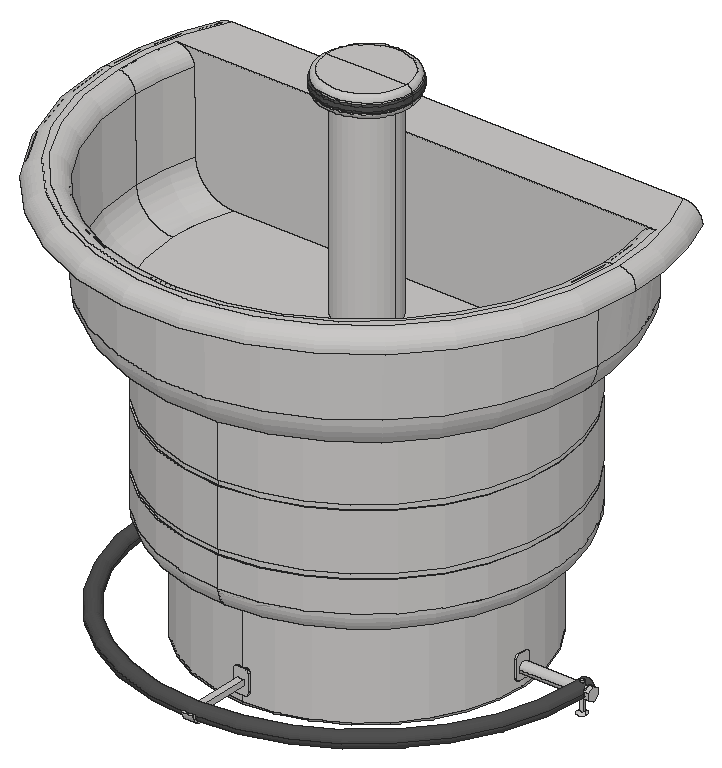
Revit family "Washfountain_Lavatory-Bradley_Corp-WF2703-Type_H_Drain", category Plumbing Fixtures, Revit 2012 (continued)
Automatic sketch dimensions
  curve 9 to Masking region 26 sketch curve = 2.56458"
  curve 9 to Masking region 26 sketch curve = 4.08013"
  Masking region 26 sketch curve to Masking region 26 sketch curve = 3.4641"
  curve 9 to Masking region 26 sketch curve = 14.62567"  (x2)
  curve 9 to Masking region 26 sketch curve = 15.313"  (x2)
  curve 9 to Masking region 26 sketch curve = 16.313"
  curve 108 to curve 10 = 0.000"
  curve 109 to curve 10 = 0.000"
  curve 116 to curve 10 = 0.000"
  curve 108 to curve 10 = 0.250"
  curve 108 to curve 109 = 0.11186"
  curve 10 to curve 116 = 0.73686"
  curve 10 to curve 113 = 1.000"
  curve 113 to curve 111 = 0.86186"
  curve 111 to curve 118 = 0.01928"
  curve 118 to curve 118 = 0.39728"
  curve 118 to curve 118 = 0.31998"
  curve 118 to curve 121 = 0.31998"
  curve 113 to curve 10 = 1.000"
  curve 10 to curve 114 = 0.625"
  curve 120 to curve 10 = 0.29642"
  curve 120 to curve 114 = 2.18152"
  curve 120 to curve 120 = 0.31998"  (x2)
  curve 10 to curve 115 = 3.69333"
  curve 120 to curve 120 = 0.39728"
  curve 114 to curve 112 = 4.76314"
  curve 118 to curve 118 = 0.17193"
  curve 120 to curve 114 = 0.46834"
  curve 121 to curve 115 = 2.89842"
  curve 115 to curve 115 = 1.000"
  curve 10 to curve 114 = 13.12502"
  curve 10 to curve 110 = 14.62567"
  curve 10 to curve 110 = 15.313"
  curve 10 to curve 113 = 15.313"
  curve 108 to curve 109 = 0.000"
  curve 123 to curve 122 = 0.000"
  curve 129 to curve 122 = 0.000"
  curve 130 to curve 122 = 0.000"
  curve 124 to curve 122 = 0.000"
  curve 123 to curve 122 = 2.56458"
  curve 122 to curve 129 = 1.000"
  curve 122 to curve 134 = 1.000"
  curve 122 to curve 133 = 1.000"
  curve 132 to curve 122 = 1.000"
  curve 131 to curve 132 = 0.000"
  curve 130 to curve 122 = 0.99987"
  curve 122 to curve 127 = 2.56458"
  curve 122 to curve 130 = 1.0786"
  curve 128 to curve 127 = 0.500"
  curve 122 to curve 126 = 14.12567"
  curve 126 to curve 125 = 0.500"
  curve 132 to curve 132 = 0.68733"
  curve 125 to curve 124 = 0.68733"
  curve 125 to curve 123 = 0.68733"
  curve 133 to curve 133 = 0.68733"
  curve 135 to curve 136 = 0.000"
  curve 96 to curve 136 = 1.37502"
  curve 96 to curve 136 = 6.02868"
  curve 84 to curve 136 = 6.02868"
  curve 93 to curve 98 = 0.9785"
  curve 93 to curve 103 = 1.17006"
  curve 103 to curve 103 = 0.55422"  (x2)
  curve 103 to curve 136 = 0.29642"
  curve 103 to curve 103 = 0.10867"
  curve 103 to curve 96 = 0.36284"
  curve 101 to curve 93 = 0.43861"
  curve 101 to curve 100 = 0.10867"
  curve 101 to curve 136 = 0.30441"
  curve 136 to curve 102 = 0.24981"
  curve 102 to curve 135 = 0.75019"
  curve 136 to curve 83 = 1.000"
  curve 135 to curve 94 = 0.41987"
  curve 83 to curve 92 = 1.93542"
  curve 92 to curve 91 = 0.12917"
  curve 90 to curve 136 = 1.41987"
  curve 83 to curve 136 = 1.000"
  curve 90 to curve 135 = 0.420"
  curve 105 to curve 136 = 0.35848"
  curve 105 to curve 106 = 0.10867"
  curve 136 to curve 105 = 0.30441"
  curve 136 to curve 86 = 0.52868"
  curve 88 to curve 105 = 0.32994"
  curve 136 to curve 99 = 1.50718"
  curve 104 to curve 97 = 2.42006"
  curve 97 to curve 107 = 0.4715"
  curve 107 to curve 107 = 0.55422"  (x2)
  curve 107 to curve 107 = 0.10867"
  curve 97 to curve 87 = 2.750"
  curve 136 to curve 105 = 0.29642"
  curve 103 to curve 103 = 0.04026"
  curve 105 to curve 105 = 0.04026"
  curve 106 to curve 97 = 1.0786"
  curve 93 to curve 98 = 2.602"
  curve 136 to curve 99 = 3.97702"
  curve 98 to curve 98 = 1.000"
  curve 99 to curve 99 = 1.000"
  curve 136 to curve 96 = 13.12502"
  curve 136 to curve 97 = 13.12502"
  curve 136 to curve 95 = 14.62567"
  curve 136 to curve 88 = 14.62567"
  curve 136 to curve 86 = 15.313"
  Extrusion 21 sketch curve to Extrusion 21 sketch curve = 0.000"  (x6)
  Extrusion 21 sketch curve to plane 12 = 0.000"  (x3)
  plane 3 "Center (Left/Right)" to Extrusion 21 sketch curve = 5.750"
  Extrusion 21 sketch curve to Extrusion 21 sketch curve = 0.87229"
  Extrusion 21 sketch curve to Extrusion 21 sketch curve = 0.25708"  (x5)
  Extrusion 21 sketch curve to Extrusion 21 sketch curve = 0.62063"  (x5)
  plane 12 to Extrusion 21 sketch curve = 0.62063"  (x2)
  Extrusion 21 sketch curve to plane 12 = 0.62063"  (x2)
  Extrusion 22 sketch curve to plane 12 = 0.000"
  plane 3 "Center (Left/Right)" to Extrusion 22 sketch curve = 4.000"
  profile plane to Sweep 23 sketch curve = 0.500"
  profile plane to Sweep 23 sketch curve = 1.42499"
  Extrusion 24 sketch curve to plane 12 = 0.42481"
  Extrusion 24 sketch curve to plane 12 = 0.05332"
  Extrusion 24 sketch curve to plane 12 = 0.05331"
  plane 12 to Extrusion 24 sketch curve = 0.31819"
  level to Extrusion 24 sketch curve = 0.99603"
  Extrusion 24 sketch curve to Extrusion 24 sketch curve = 0.21448"  (x2)
  Extrusion 24 sketch curve to Extrusion 24 sketch curve = 0.42897"  (x2)
  Extrusion 24 sketch curve to Extrusion 24 sketch curve = 0.21449"
  Extrusion 25 sketch curve to plane 12 = 0.42481"
  Extrusion 25 sketch curve to plane 12 = 0.05332"
  Extrusion 25 sketch curve to plane 12 = 0.05331"
  plane 12 to Extrusion 25 sketch curve = 0.31819"
  level to Extrusion 25 sketch curve = 0.99603"
  Extrusion 25 sketch curve to Extrusion 25 sketch curve = 0.21448"  (x2)
  Extrusion 25 sketch curve to Extrusion 25 sketch curve = 0.42897"  (x2)
  Extrusion 25 sketch curve to Extrusion 25 sketch curve = 0.21449"
  Extrusion 26 sketch curve to plane 12 = 0.05331"
  level to Extrusion 26 sketch curve = 1.425"
  Extrusion 27 sketch curve to plane 12 = 0.05331"
  level to Extrusion 27 sketch curve = 1.42499"
  Extrusion 28 sketch curve to plane 12 = 0.000"  (x2)
  plane 4 "Left" to Extrusion 28 sketch curve = 3.42187"
  Extrusion 28 sketch curve to plane 5 "Right" = 3.42187"
  Blend 29 sketch curve to plane 12 = 0.000"  (x2)
  plane 4 "Left" to Blend 29 sketch curve = 3.42187"  (x2)
  Blend 30 sketch curve to plane 12 = 0.000"  (x2)
  Blend 30 sketch curve to plane 5 "Right" = 3.42187"  (x2)
  Masking region 27 sketch curve to curve 163 = 1.9244"
  Masking region 27 sketch curve to curve 163 = 13.00846"
  curve 163 to Masking region 27 sketch curve = 1.100"
  Masking region 27 sketch curve to Masking region 27 sketch curve = 0.80046"
  Masking region 27 sketch curve to curve 163 = 0.92558"
  curve 163 to Masking region 27 sketch curve = 13.00846"
  Extrusion 31 sketch curve to plane 12 = 0.55331"
  Extrusion 31 sketch curve to plane 12 = 0.30331"  (x2)
  plane 12 to Extrusion 31 sketch curve = 0.19669"  (x2)
  Extrusion 31 sketch curve to Extrusion 31 sketch curve = 0.250"
  level to Extrusion 31 sketch curve = 0.671"
  Extrusion 31 sketch curve to Extrusion 31 sketch curve = 1.125"
  Extrusion 32 sketch curve to plane 12 = 0.55331"
  Extrusion 32 sketch curve to plane 12 = 0.30331"
  Extrusion 32 sketch curve to Extrusion 32 sketch curve = 0.250"  (x2)
  plane 12 to Extrusion 32 sketch curve = 0.19669"  (x2)
  level to Extrusion 32 sketch curve = 0.671"
  Extrusion 32 sketch curve to Extrusion 32 sketch curve = 1.125"
  Masking region 28 sketch curve to Masking region 28 sketch curve = 0.000"  (x12)
  Masking region 28 sketch curve to level = 0.000"  (x2)
  plane 4 "Left" to Masking region 28 sketch curve = 2.67187"
  Masking region 28 sketch curve to Masking region 28 sketch curve = 0.3125"  (x2)
  Masking region 28 sketch curve to Masking region 28 sketch curve = 0.1105"
  Masking region 28 sketch curve to Masking region 28 sketch curve = 0.1734"
  Masking region 28 sketch curve to Masking region 28 sketch curve = 0.17342"
  Masking region 28 sketch curve to Masking region 28 sketch curve = 0.14408"
  Masking region 28 sketch curve to Masking region 28 sketch curve = 0.207"  (x5)
  Masking region 28 sketch curve to Masking region 28 sketch curve = 0.18967"
  Masking region 28 sketch curve to Masking region 28 sketch curve = 0.240"  (x4)
  Masking region 28 sketch curve to Masking region 28 sketch curve = 3.84177"
  Masking region 28 sketch curve to Masking region 28 sketch curve = 0.125"  (x2)
  level to Masking region 28 sketch curve = 2.296"
  Masking region 28 sketch curve to plane 5 "Right" = 7.50863"
  Masking region 28 sketch curve to Masking region 28 sketch curve = 3.63477"
  Masking region 28 sketch curve to Masking region 28 sketch curve = 0.05033"
  level to Masking region 28 sketch curve = 0.1445"  (x4)
  Masking region 28 sketch curve to Masking region 28 sketch curve = 0.14409"  (x2)
  Masking region 28 sketch curve to Masking region 28 sketch curve = 0.20127"  (x2)
  Masking region 28 sketch curve to Masking region 28 sketch curve = 0.33574"
  level to Masking region 28 sketch curve = 0.671"  (x2)
  Masking region 28 sketch curve to Masking region 28 sketch curve = 0.78363"  (x2)
  Masking region 28 sketch curve to Masking region 28 sketch curve = 0.03488"  (x2)
  Masking region 28 sketch curve to Masking region 28 sketch curve = 0.03303"  (x2)
  Masking region 28 sketch curve to Masking region 28 sketch curve = 0.05746"
  Masking region 28 sketch curve to Masking region 28 sketch curve = 0.05747"  (x2)
  Masking region 28 sketch curve to Masking region 28 sketch curve = 0.05748"
  Masking region 28 sketch curve to Masking region 28 sketch curve = 0.09048"
  Masking region 28 sketch curve to Masking region 28 sketch curve = 0.09049"
  Masking region 28 sketch curve to Masking region 28 sketch curve = 0.07813"
  Masking region 28 sketch curve to Masking region 28 sketch curve = 0.11301"
  Masking region 28 sketch curve to Masking region 28 sketch curve = 1.625"
  level to Masking region 29 sketch curve = 1.9244"
  plane 14 "Front" to Masking region 29 sketch curve = 3.82788"
  plane 12 to Masking region 29 sketch curve = 0.500"
  Masking region 29 sketch curve to Masking region 29 sketch curve = 0.49941"
  Extrusion 33 sketch curve to Extrusion 33 sketch curve = 0.000"  (x4)
  level to Extrusion 33 sketch curve = 1.42499"
  plane 14 "Front" to Extrusion 33 sketch curve = 3.22848"
  Extrusion 33 sketch curve to Extrusion 33 sketch curve = 0.050"
  Extrusion 33 sketch curve to Extrusion 33 sketch curve = 0.49941"
  Extrusion 33 sketch curve to Extrusion 33 sketch curve = 0.45761"
  level to Extrusion 34 sketch curve = 1.42499"
  plane 14 "Front" to Extrusion 34 sketch curve = 3.82788"
  Extrusion 34 sketch curve to Extrusion 34 sketch curve = 0.56506"
  Extrusion 34 sketch curve to Extrusion 34 sketch curve = 0.000"
  level to Extrusion 34 sketch curve = 1.62499"
  Extrusion 34 sketch curve to Extrusion 34 sketch curve = 3.32401"
  Masking region 32 sketch curve to plane 1 "Center (Front/Back)" = 0.000"
  Masking region 32 sketch curve to plane 5 "Right" = 1.41931"
  curve 13 to curve 172 = 0.000"  (x2)
  curve 172 to curve 175 = 2.64121"
  plane 1 "Center (Front/Back)" to curve 174 = 3.4965"
  plane 12 to curve 174 = 2.14004"
  curve 174 to curve 174 = 2.64121"
  plane 12 to curve 172 = 2.14004"
  curve 149 to plane 12 = 0.000"
  curve 149 to plane 3 "Center (Left/Right)" = 0.000"
  plane 12 to curve 150 = 0.500"
  plane 12 to curve 151 = 0.500"
  plane 12 to Masking region 33 sketch curve = 1.13814"  (x2)
  plane 12 to Masking region 33 sketch curve = 3.13814"
  Masking region 33 sketch curve to Masking region 33 sketch curve = 3.4641"  (x2)
  Masking region 33 sketch curve to Masking region 33 sketch curve = 0.06458"  (x2)
  plane 3 "Center (Left/Right)" to Masking region 33 sketch curve = 3.52868"
  plane 3 "Center (Left/Right)" to Masking region 33 sketch curve = 0.06458"
  Masking region 33 sketch curve to plane 3 "Center (Left/Right)" = 0.06458"
  Masking region 33 sketch curve to plane 3 "Center (Left/Right)" = 5.500"
  plane 12 to Masking region 33 sketch curve = 3.250"
  Masking region 33 sketch curve to Masking region 33 sketch curve = 0.11186"
  Masking region 33 sketch curve to Masking region 33 sketch curve = 2.000"
  plane 12 to curve 183 = 2.26314"
  plane 3 "Center (Left/Right)" to curve 183 = 7.08013"
  curve 183 to curve 182 = 1.51554"
  plane 3 "Center (Left/Right)" to curve 183 = 1.58013"
  plane 3 "Center (Left/Right)" to curve 182 = 0.06458"
  curve 181 to plane 3 "Center (Left/Right)" = 0.06458"
  curve 180 to plane 3 "Center (Left/Right)" = 1.58013"
  curve 181 to plane 3 "Center (Left/Right)" = 5.56458"
  plane 12 to curve 180 = 2.26314"
  curve 181 to curve 180 = 1.51554"
  curve 181 to curve 180 = 0.875"  (x2)
  curve 182 to curve 183 = 0.875"  (x2)
  curve 182 to plane 12 = 6.38814"
  curve 181 to curve 182 = 0.000"
  Masking region 34 sketch curve to plane 12 = 0.000"
  Masking region 34 sketch curve to plane 3 "Center (Left/Right)" = 0.000"
  plane 12 to Masking region 34 sketch curve = 2.250"
  plane 3 "Center (Left/Right)" to Masking region 34 sketch curve = 6.20569"
  plane 4 "Left" to curve 150 = 2.99154"
  curve 13 to curve 176 = 0.000"  (x2)
  curve 174 to curve 177 = 0.000"  (x2)
  curve 175 to curve 178 = 0.000"  (x2)
  curve 178 to curve 178 = 0.75958"
  curve 178 to curve 176 = 0.03579"
  curve 174 to curve 176 = 0.78132"
  curve 179 to curve 175 = 0.78315"
  curve 176 to curve 178 = 0.17716"
  curve 186 to plane 12 = 0.000"
  curve 186 to plane 3 "Center (Left/Right)" = 0.000"
  curve 187 to curve 186 = 4.15684"
  curve 185 to curve 185 = 2.250"
  curve 187 to curve 186 = 2.250"
  curve 7 to curve 44 = 1.00047"
  curve 44 to curve 7 = 3.13971"
  curve 45 to curve 44 = 0.000"  (x2)
  curve 44 to curve 46 = 0.1567"
  curve 46 to curve 47 = 0.05262"
  curve 47 to curve 48 = 0.05262"
  curve 48 to curve 49 = 0.06777"
  curve 7 to curve 49 = 2.810"
  curve 49 to curve 48 = 0.06777"
  curve 48 to curve 47 = 0.05262"
  curve 47 to curve 46 = 0.05262"
  curve 46 to curve 44 = 0.1567"
  curve 46 to curve 44 = 0.64189"
  curve 47 to curve 46 = 1.250"
  curve 48 to curve 47 = 1.250"
  curve 49 to curve 48 = 1.250"
  curve 7 to curve 45 = 0.37529"
  Extrusion 39 sketch curve to plane 3 "Center (Left/Right)" = 0.500"
  Extrusion 39 sketch curve to plane 3 "Center (Left/Right)" = 0.250"  (x2)
  plane 3 "Center (Left/Right)" to Extrusion 39 sketch curve = 0.250"  (x2)
  Extrusion 39 sketch curve to Extrusion 39 sketch curve = 0.250"
  level to Extrusion 39 sketch curve = 0.671"
  Extrusion 39 sketch curve to Extrusion 39 sketch curve = 1.125"
  Masking region 30 sketch curve to Masking region 30 sketch curve = 0.000"  (x6)
  Masking region 30 sketch curve to level = 0.000"
  plane 14 "Front" to Masking region 30 sketch curve = 3.22848"
  Masking region 30 sketch curve to Masking region 30 sketch curve = 0.050"
  Masking region 30 sketch curve to Masking region 30 sketch curve = 0.49941"
  level to Masking region 30 sketch curve = 0.92558"  (x2)
  Masking region 30 sketch curve to Masking region 30 sketch curve = 3.55758"
  Masking region 30 sketch curve to Masking region 30 sketch curve = 0.125"  (x2)
  Masking region 30 sketch curve to plane 12 = 0.55349"
  Masking region 30 sketch curve to plane 12 = 0.55331"
  Masking region 30 sketch curve to Masking region 30 sketch curve = 0.1285"
  Masking region 30 sketch curve to plane 12 = 0.32637"
  Masking region 30 sketch curve to plane 12 = 0.30331"
  Masking region 30 sketch curve to plane 12 = 0.30215"
  Masking region 30 sketch curve to plane 12 = 0.120"
  Masking region 30 sketch curve to plane 12 = 0.05332"
  Masking region 30 sketch curve to plane 12 = 0.05331"
  plane 12 to Masking region 30 sketch curve = 0.120"
  plane 12 to Masking region 30 sketch curve = 0.19559"
  plane 12 to Masking region 30 sketch curve = 0.19669"
  Masking region 30 sketch curve to Masking region 30 sketch curve = 0.1226"
  Masking region 30 sketch curve to Masking region 30 sketch curve = 0.20637"
  Masking region 30 sketch curve to Masking region 30 sketch curve = 0.250"
  Masking region 30 sketch curve to Masking region 30 sketch curve = 0.25134"
  level to Masking region 30 sketch curve = 0.1445"  (x2)
  Masking region 30 sketch curve to Masking region 30 sketch curve = 0.25458"
  Masking region 30 sketch curve to Masking region 30 sketch curve = 0.5265"
  Masking region 30 sketch curve to Masking region 30 sketch curve = 0.25136"
  Masking region 30 sketch curve to Masking region 30 sketch curve = 0.07367"
  Masking region 30 sketch curve to Masking region 30 sketch curve = 0.28493"  (x2)
  Masking region 30 sketch curve to Masking region 30 sketch curve = 0.42897"  (x2)
  Masking region 30 sketch curve to Masking region 30 sketch curve = 0.21449"
  Masking region 30 sketch curve to Masking region 30 sketch curve = 0.99881"
  Masking region 30 sketch curve to Masking region 30 sketch curve = 0.28491"
  Masking region 30 sketch curve to Masking region 30 sketch curve = 0.1216"
  Masking region 30 sketch curve to Masking region 30 sketch curve = 0.3716"
  curve 163 to Masking region 31 sketch curve = 1.000"
  Masking region 31 sketch curve to Masking region 31 sketch curve = 0.00039"
  Masking region 31 sketch curve to Masking region 31 sketch curve = 0.09961"
  Masking region 31 sketch curve to Masking region 31 sketch curve = 0.250"  (x2)
  Masking region 31 sketch curve to Masking region 31 sketch curve = 0.49837"
  Masking region 31 sketch curve to Masking region 31 sketch curve = 0.500"
  Masking region 31 sketch curve to Masking region 31 sketch curve = 0.09932"
  Masking region 31 sketch curve to curve 163 = 0.67509"
  Masking region 31 sketch curve to Masking region 31 sketch curve = 0.54936"
  Masking region 31 sketch curve to Masking region 31 sketch curve = 0.44941"
  Masking region 31 sketch curve to Masking region 31 sketch curve = 0.1216"
  Masking region 31 sketch curve to Masking region 31 sketch curve = 0.000"
  Masking region 31 sketch curve to Masking region 31 sketch curve = 0.15088"
  Masking region 31 sketch curve to Masking region 31 sketch curve = 0.09954"
  curve 163 to curve 192 = 1.100"
  curve 191 to curve 191 = 0.80046"
  curve 190 to curve 163 = 0.82558"
  curve 191 to curve 192 = 0.100"
  curve 190 to curve 190 = 0.100"
  Extrusion 37 sketch curve to curve 7 = 1.500"
  Extrusion 37 sketch curve to curve 7 = 0.500"
  Extrusion 37 sketch curve to curve 7 = 32.304"
  Extrusion 37 sketch curve to curve 7 = 30.304"
  Split face 3 sketch curve to cut or joined group of Revolve 11, Extrusion 13 = 0.000"  (x3)
  Revolve 40 sketch curve to curve 7 = 0.000"
  Revolve 40 sketch curve to Revolve 40 sketch curve = 0.000"
  Revolve 40 sketch curve to curve 7 = 3.13971"
  Revolve 40 sketch curve to Revolve 40 sketch curve = 0.06598"
  Revolve 40 sketch curve to Revolve 40 sketch curve = 2.30326"
  Revolve 40 sketch curve to Revolve 40 sketch curve = 2.94627"
  Extrusion 41 sketch curve to curve 7 = 0.000"
  Extrusion 41 sketch curve to curve 7 = 3.20569"
  Extrusion 41 sketch curve to Extrusion 41 sketch curve = 0.06598"  (x2)
  curve 7 to Extrusion 41 sketch curve = 3.13971"
  curve 6 to Masking region 37 sketch curve = 1.57537"
  Masking region 37 sketch curve to Masking region 37 sketch curve = 0.400"
  Masking region 37 sketch curve to curve 6 = 1.79013"
  curve 6 to Masking region 37 sketch curve = 0.79013"
  Masking region 38 sketch curve to curve 6 = 1.54013"
  Masking region 38 sketch curve to Masking region 38 sketch curve = 0.500"
  plane 4 "Left" to curve 165 = 2.67187"
  curve 166 to curve 165 = 0.000"
  curve 166 to curve 164 = 0.3125"
  level to curve 167 = 0.1445"
  curve 164 to curve 167 = 0.3175"
  curve 167 to curve 167 = 0.240"
  curve 167 to curve 164 = 0.909"
  curve 164 to curve 166 = 0.15701"
  curve 166 to curve 165 = 0.42897"
  curve 165 to curve 164 = 0.15701"
  level to curve 171 = 0.1445"
  curve 171 to plane 5 "Right" = 3.54187"
  curve 171 to curve 171 = 0.240"
  curve 171 to curve 169 = 0.34536"
  curve 168 to curve 168 = 0.33574"
  curve 170 to curve 170 = 0.33574"
  curve 171 to curve 169 = 0.90899"
  curve 169 to curve 170 = 0.15702"
  curve 170 to curve 168 = 0.42897"
  curve 168 to curve 169 = 0.15701"
  Sweep 1 sketch curve to Sweep 1 sketch curve = 0.000"  (x8)
  Sweep 1 sketch curve to profile plane = 0.000"  (x2)
  profile plane to Sweep 1 sketch curve = 0.00001"
  Sweep 1 sketch curve to profile plane = 0.11999"
  Sweep 1 sketch curve to profile plane = 1.12499"
  Sweep 1 sketch curve to Sweep 1 sketch curve = 0.410"
  profile plane to Sweep 1 sketch curve = 0.00011"
  Sweep 1 sketch curve to Sweep 1 sketch curve = 1.005"
  Sweep 1 sketch curve to profile plane = 2.58748"
  Sweep 1 sketch curve to profile plane = 1.125"
  Sweep 1 sketch curve to Sweep 1 sketch curve = 0.11996"
  Sweep 1 sketch curve to Sweep 1 sketch curve = 2.49334"
  Sweep 1 sketch curve to Sweep 1 sketch curve = 11.13252"
  Sweep 1 sketch curve to Sweep 1 sketch curve = 0.120"
  Sweep 1 sketch curve to Sweep 1 sketch curve = 2.31283"
  Sweep 1 sketch curve to Sweep 1 sketch curve = 0.00025"
  Sweep 1 sketch curve to Sweep 1 sketch curve = 0.00011"
  Sweep 3 sketch curve to profile plane = 0.000"  (x2)
  Sweep 3 sketch curve to profile plane = 0.120"  (x2)
  Sweep 3 sketch curve to Sweep 3 sketch curve = 2.41999"
  Sweep 3 sketch curve to Sweep 3 sketch curve = 0.120"  (x2)
  Sweep 3 sketch curve to Sweep 3 sketch curve = 13.67331"
  Sweep 3 sketch curve to Sweep 3 sketch curve = 1.005"
  Masking region 18 sketch curve to plane 1 "Center (Front/Back)" = 0.000"
  plane 14 "Front" to Masking region 18 sketch curve = 2.540"
  Masking region 18 sketch curve to plane 10 "Rim Height" = 1.125"
  plane 14 "Front" to Masking region 18 sketch curve = 0.00001"
  Masking region 17 sketch curve to plane 14 "Front" = 0.000"
  Masking region 17 sketch curve to plane 1 "Center (Front/Back)" = 0.000"
  plane 14 "Front" to Masking region 17 sketch curve = 1.125"
  plane 14 "Front" to Masking region 17 sketch curve = 2.58749"
  Masking region 17 sketch curve to Masking region 17 sketch curve = 1.415"
  Masking region 17 sketch curve to Masking region 17 sketch curve = 2.61331"
  plane 11 "Pedestal Height" to Masking region 17 sketch curve = 2.43283"
  Masking region 13 sketch curve to plane 4 "Left" = 0.000"
  Masking region 13 sketch curve to plane 10 "Rim Height" = 0.000"  (x2)
  Masking region 13 sketch curve to plane 11 "Pedestal Height" = 0.000"
  Masking region 13 sketch curve to plane 5 "Right" = 0.000"
  plane 10 "Rim Height" to Masking region 13 sketch curve = 0.00019"
  plane 4 "Left" to Masking region 13 sketch curve = 1.125"
  Masking region 13 sketch curve to Masking region 13 sketch curve = 1.125"
  Masking region 13 sketch curve to Masking region 13 sketch curve = 1.415"  (x2)
  plane 4 "Left" to Masking region 13 sketch curve = 2.58749"
  Masking region 13 sketch curve to Masking region 13 sketch curve = 2.61331"
  Masking region 13 sketch curve to plane 5 "Right" = 5.20079"
  Masking region 13 sketch curve to plane 5 "Right" = 2.58749"
  Masking region 13 sketch curve to plane 10 "Rim Height" = 1.125"
  Masking region 13 sketch curve to Masking region 13 sketch curve = 0.000"
  plane 11 "Pedestal Height" to Masking region 13 sketch curve = 2.43283"  (x2)
  Masking region 14 sketch curve to plane 4 "Left" = 0.000"
  Masking region 14 sketch curve to plane 11 "Pedestal Height" = 0.000"
  Masking region 14 sketch curve to plane 5 "Right" = 0.000"
  Masking region 14 sketch curve to plane 10 "Rim Height" = 0.000"
  plane 4 "Left" to Masking region 14 sketch curve = 2.25999"
  Masking region 14 sketch curve to plane 10 "Rim Height" = 1.125"  (x2)
  Masking region 14 sketch curve to Masking region 14 sketch curve = 2.25999"
  Extrusion 44 sketch curve to Extrusion 44 sketch curve = 0.000"  (x2)
  Extrusion 44 sketch curve to plane 3 "Center (Left/Right)" = 0.000"
  plane 12 to Extrusion 44 sketch curve = 4.2007"
  Extrusion 44 sketch curve to plane 5 "Right" = 2.97042"
  Extrusion 44 sketch curve to plane 1 "Center (Front/Back)" = 0.000"
  Extrusion 44 sketch curve to plane 5 "Right" = 4.43821"
  plane 4 "Left" to Extrusion 44 sketch curve = 4.43821"
  plane 4 "Left" to Extrusion 45 sketch curve = 1.65758"
  Sweep 46 sketch curve to profile plane = 0.05999"
  Sweep 46 sketch curve to profile plane = 0.060"
  Sweep 46 sketch curve to profile plane = 1.12499"
  Sweep 46 sketch curve to Sweep 46 sketch curve = 0.000"  (x2)
  Sweep 46 sketch curve to profile plane = 0.06025"
  Sweep 46 sketch curve to Sweep 46 sketch curve = 0.410"
  Sweep 46 sketch curve to Sweep 46 sketch curve = 1.065"
  Sweep 46 sketch curve to profile plane = 2.64746"
  Sweep 46 sketch curve to Sweep 46 sketch curve = 2.55332"
  Sweep 46 sketch curve to Sweep 46 sketch curve = 0.5792"
  Sweep 46 sketch curve to Sweep 46 sketch curve = 0.00025"
  Sweep 46 sketch curve to Sweep 46 sketch curve = 5.25501"
  Sweep 46 sketch curve to Sweep 46 sketch curve = 0.18475"
  Sweep 46 sketch curve to Sweep 46 sketch curve = 0.060"
  Sweep 46 sketch curve to Sweep 46 sketch curve = 0.00036"
  Extrusion 45 sketch curve to plane 1 "Center (Front/Back)" = 0.000"
  plane 3 "Center (Left/Right)" to Extrusion 45 sketch curve = 1.500"
  Extrusion 45 sketch curve to Extrusion 45 sketch curve = 1.48834"  (x2)
  Extrusion 45 sketch curve to plane 5 "Right" = 3.14592"
  Extrusion 45 sketch curve to plane 12 = 0.0533"
  Extrusion 45 sketch curve to plane 3 "Center (Left/Right)" = 1.500"
  curve 66 to level = 0.000"
  curve 66 to plane 3 "Center (Left/Right)" = 0.000"
  plane 3 "Center (Left/Right)" to curve 162 = 0.400"
  plane 3 "Center (Left/Right)" to curve 70 = 1.023"
  curve 69 to curve 162 = 1.635"
  curve 26 to plane 5 "Right" = 7.72264"
  curve 25 to curve 26 = 0.21401"
  curve 30 to plane 5 "Right" = 5.52592"
  curve 27 to curve 25 = 1.98272"
  curve 32 to curve 30 = 0.000"
  curve 29 to curve 27 = 0.000"
  curve 31 to curve 32 = 0.000"  (x2)
  curve 28 to curve 29 = 0.000"  (x2)
  curve 33 to plane 5 "Right" = 2.25999"
  curve 162 to plane 3 "Center (Left/Right)" = 0.40046"
  curve 68 to plane 3 "Center (Left/Right)" = 1.023"
  curve 162 to curve 67 = 1.63454"
  plane 4 "Left" to curve 26 = 7.72264"
  curve 26 to curve 25 = 0.21401"
  plane 4 "Left" to curve 32 = 5.52592"
  curve 30 to curve 32 = 0.000"
  curve 29 to curve 30 = 0.000"
  curve 27 to curve 28 = 0.000"
  plane 4 "Left" to curve 33 = 2.25999"
  level to curve 162 = 0.92558"
  level to curve 69 = 1.069"
  level to curve 67 = 1.069"
  curve 69 to curve 70 = 4.007"
  curve 68 to curve 70 = 0.000"
  curve 26 to curve 27 = 3.92692"
  curve 26 to curve 25 = 0.31292"
  curve 28 to curve 29 = 0.1875"
  curve 31 to curve 32 = 0.1875"
  curve 71 to level = 0.000"
  curve 71 to plane 12 = 0.000"
  curve 19 to plane 1 "Center (Front/Back)" = 0.000"
  curve 18 to plane 1 "Center (Front/Back)" = 0.000"
  curve 23 to plane 1 "Center (Front/Back)" = 0.000"
  curve 24 to plane 1 "Center (Front/Back)" = 0.000"
  curve 20 to plane 1 "Center (Front/Back)" = 0.000"
  curve 22 to plane 1 "Center (Front/Back)" = 0.000"
  curve 21 to plane 1 "Center (Front/Back)" = 0.000"
  curve 17 to plane 1 "Center (Front/Back)" = 0.000"
  curve 16 to plane 1 "Center (Front/Back)" = 0.000"
  curve 156 to plane 12 = 0.05331"
  curve 161 to plane 12 = 0.120"
  curve 157 to plane 12 = 0.120"
  curve 155 to plane 12 = 0.120"
  curve 75 to plane 12 = 0.96986"
  curve 74 to curve 161 = 1.86186"
  plane 14 "Front" to curve 23 = 8.05596"
  curve 22 to curve 23 = 0.21401"
  plane 14 "Front" to curve 16 = 5.86393"
  curve 17 to curve 16 = 0.000"
  curve 18 to curve 16 = 0.000"
  curve 21 to curve 17 = 0.0047"
  curve 19 to curve 21 = 0.000"
  curve 20 to curve 21 = 0.000"
  plane 14 "Front" to curve 24 = 2.53001"
  plane 12 to curve 157 = 0.120"
  plane 12 to curve 160 = 0.120"
  plane 12 to curve 155 = 0.120"
  plane 12 to curve 73 = 0.96986"
  curve 160 to curve 72 = 1.86186"
  level to curve 155 = 0.1445"
  curve 155 to curve 160 = 0.52704"
  curve 161 to curve 160 = 0.000"  (x2)
  curve 160 to curve 160 = 0.25404"
  level to curve 72 = 1.069"
  level to curve 74 = 1.069"
  curve 161 to curve 156 = 0.49942"
  curve 156 to curve 158 = 0.4994"
  curve 159 to curve 158 = 0.000"
  curve 158 to curve 157 = 0.07559"
  curve 157 to curve 75 = 3.07601"
  curve 73 to curve 75 = 0.000"
  curve 73 to curve 71 = 0.96995"
  curve 23 to curve 22 = 0.31292"
  curve 22 to curve 20 = 3.614"
  curve 20 to curve 21 = 0.1875"
  curve 21 to curve 19 = 0.1875"
  curve 19 to curve 17 = 3.8125"
  curve 17 to curve 18 = 0.1875"
  curve 18 to curve 16 = 0.1875"
  curve 5 to plane 12 = 0.000"
  curve 6 to plane 3 "Center (Left/Right)" = 0.000"
  plane 3 "Center (Left/Right)" to curve 195 = 1.500"
  plane 3 "Center (Left/Right)" to curve 5 = 3.000"
  curve 195 to plane 3 "Center (Left/Right)" = 1.500"
  curve 5 to plane 3 "Center (Left/Right)" = 3.000"
  plane 12 to curve 6 = 3.000"
  curve 6 to plane 12 = 3.000"
  curve 195 to plane 14 "Front" = 1.500"
  curve 43 to curve 5 = 1.57537"
  curve 5 to curve 42 = 0.56538"
  curve 43 to curve 42 = 0.0755"
  curve 5 to curve 41 = 1.00013"
  curve 41 to curve 5 = 1.00013"
  curve 5 to curve 42 = 1.49987"
  curve 42 to curve 43 = 0.0755"
  curve 43 to curve 42 = 1.4495"
  curve 41 to curve 5 = 2.84038"
  curve 195 to curve 196 = 1.500"
  radius of curve 13 = 18.280"
  radius of curve 138 = 1.750"
  radius of curve 139 = 1.250"
  radius of curve 140 = 0.1842"
  radius of curve 141 = 0.1842"
  radius of curve 142 = 0.1842"
  radius of curve 143 = 0.1842"
  radius of curve 144 = 0.1842"
  radius of curve 145 = 0.1842"
  radius of curve 146 = 0.1842"
  radius of curve 147 = 0.1842"
  radius of curve 148 = 0.1842"
  radius of Extrusion 15 sketch curve = 2.000"
  radius of Extrusion 18 sketch curve = 2.000"
  radius of Extrusion 21 sketch curve = 0.1842"  (x9)
  radius of Extrusion 22 sketch curve = 1.750"
  radius of curve 137 to Extrusion 21 = 0.500"
  radius of Sweep 23 sketch curve = 0.49941"
  radius of Extrusion 26 sketch curve = 0.3715"
  radius of Extrusion 27 sketch curve = 0.3715"
  radius of Extrusion 28 sketch curve = 0.120"  (x2)
  radius of Blend 29 sketch curve = 0.120"
  radius of Blend 29 sketch curve = 0.327"
  radius of Blend 30 sketch curve = 0.120"
  radius of Blend 30 sketch curve = 0.327"
  radius of curve 184 = 2.000"
  radius of Masking region 35 sketch curve = 4.57537"
  radius of curve 188 = 3.750"
  radius of Masking region 36 sketch curve = 3.12487"
  radius of curve 189 = 2.750"
  radius of Extrusion 42 sketch curve = 0.500"
  radius of Extrusion 43 sketch curve = 0.250"
  radius of curve 193 to Extrusion 21 = 0.500"
  radius of curve 67 = 0.350"
  radius of curve 68 = 0.350"
  radius of curve 69 = 0.350"
  radius of curve 70 = 0.350"
  radius of curve 72 = 0.350"
  radius of curve 73 = 0.350"
  radius of curve 74 = 0.350"
  radius of curve 75 = 0.350"
  radius of curve 156 = 0.36122"
  radius of curve 196 = 0.500"
Connectors (in)
  piping at (-7.625, 0, 12), driven by "Hot Lavatory Inlet Primary Radius", driven by "HWFU"
    settings: on Extrusion 37, index 1, connector radius 1/2", flow factor 0, pipe flow 0.0 GPM, pressure drop 0.0 psi, fitting loss kfactor 0, connector angle 0.00°, fixture units 0, engagement length 0.000", flow configuration 3, flow direction 1, fitting loss method 0, system type 19, joint type 0, gender type 0, connector reference index -1, connector utility 0, adjustable connector no, is connector primary yes, fitting loss table "", connector description "Hot Lavatory Inlet Primary"
  piping at (7.625, 0, 12), driven by "Cold Lavatory Inlet Primary Radius", driven by "CWFU"
    settings: on Extrusion 37, index 2, connector radius 1/2", flow factor 0, pipe flow 0.0 GPM, pressure drop 0.0 psi, fitting loss kfactor 0, connector angle 0.00°, fixture units 0, engagement length 0.000", flow configuration 3, flow direction 1, fitting loss method 0, system type 20, joint type 0, gender type 0, connector reference index -1, connector utility 0, adjustable connector no, is connector primary no, fitting loss table "", connector description "Cold Lavatory Inlet Primary"
  piping at (-7.625, -4.5, 0), driven by "Hot Lavatory Inlet Secondary Radius", driven by "HWFU"
    settings: on Extrusion 38, index 3, connector radius 1/2", flow factor 0, pipe flow 0.0 GPM, pressure drop 0.0 psi, fitting loss kfactor 0, connector angle 0.00°, fixture units 0, engagement length 0.000", flow configuration 3, flow direction 2, fitting loss method 0, system type 19, joint type 0, gender type 0, connector reference index -1, connector utility 0, adjustable connector no, is connector primary no, fitting loss table "", connector description "Hot Lavatory Inlet Secondary"
  piping at (7.625, -4.5, 0), driven by "Cold Lavatory Inlet Secondary Radius", driven by "CWFU"
    settings: on Extrusion 38, index 4, connector radius 1/2", flow factor 0, pipe flow 0.0 GPM, pressure drop 0.0 psi, fitting loss kfactor 0, connector angle 0.00°, fixture units 0, engagement length 0.000", flow configuration 3, flow direction 1, fitting loss method 0, system type 20, joint type 0, gender type 0, connector reference index -1, connector utility 0, adjustable connector no, is connector primary no, fitting loss table "", connector description "Cold Lavatory Inlet Secondary"
  piping at (-4, -7.75, 0), driven by "Drain Radius", driven by "WFU"
    settings: on Extrusion 36, index 5, connector radius 1", flow factor 0, pipe flow 0.0 GPM, pressure drop 0.0 psi, fitting loss kfactor 0, connector angle 0.00°, fixture units 0, engagement length 0.000", flow configuration 3, flow direction 2, fitting loss method 0, system type 16, joint type 0, gender type 0, connector reference index -1, connector utility 0, adjustable connector yes, is connector primary no, fitting loss table "", connector description "Drain"
  piping at (0, -7.6967, 33.875), driven by "Vent Radius", driven by "WFU"
    settings: on Extrusion 35, index 6, connector radius 3/4", flow factor 0, pipe flow 0.0 GPM, pressure drop 0.0 psi, fitting loss kfactor 0, connector angle 0.00°, fixture units 0, engagement length 0.000", flow configuration 3, flow direction 2, fitting loss method 0, system type 16, joint type 0, gender type 0, connector reference index -1, connector utility 0, adjustable connector yes, is connector primary no, fitting loss table "", connector description "Vent"
  electrical at (-4, 0, 11.071), driven by "Voltage"
    settings: on Extrusion 37, index 7, voltage 24 V, apparent load 0 VA, apparent load phase1 0 VA, apparent load phase2 0 VA, apparent load phase3 0 VA, power factor 1, load classification "Other", number of poles 1, system type 31, power factor state 1, is connector primary yes, connector utility no, sub classification motor no, connector description ""
